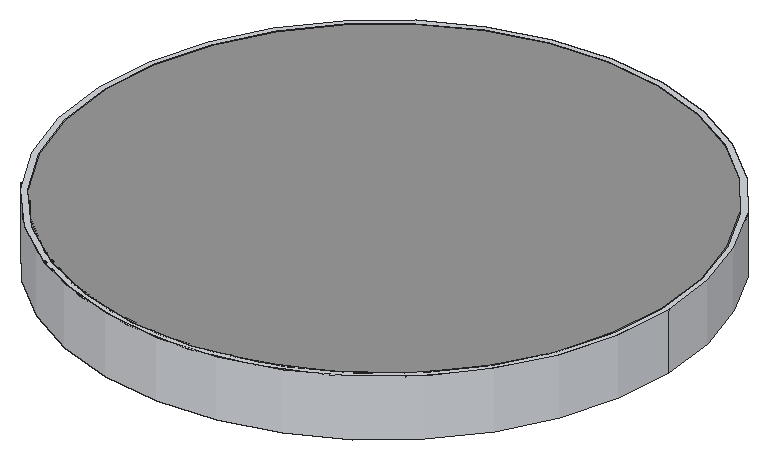
Revit family "2071170", category Lighting Fixtures, host Face, Revit 2018
Family settings
  Host = Face
  Round Connector Dimension = Use Diameter
  Part Type = Normal
  OmniClass Number = 23.80.70.00
  OmniClass Title = Lighting
  Cut with Voids When Loaded = No
  Light Source = Yes
  Shared = No
  Room Calculation Point = No
Parameters (values of type "2071170 COLOSSAL 600 830 PR DIR WHT DALI EM")
  iner diameter = 588 mm
  Weight = "n/a"
  Wattage Comments = ""
  Wattage = 30 W
  WarrantyStartDate [instance] = "n/a"
  WarrantyGuarantorParts = "n/a"
  WarrantyDurationUnit = "n/a"
  WarrantyDurationParts = ""
  WarrantyDescription = "http://www.sylvania-lighting.com"
  built-in parameter 1150110 = 1 (stored number, unit not read)
  Voltage = 230 V
  URL = "0.99"
  TypeName = "COLOSSAL 600mm 830 PRISM DIR WHITE DALI EM"
  Type Image = <None>
  Type Comments = "n/a"
  built-in parameter 1114217 = 1 (stored number, unit not read)
  Tilt Angle = -90.00°
  built-in parameter 1150109 = 1 (stored number, unit not read)
  built-in parameter 1150134 = (empty or 0)
  built-in parameter 1150113 = 1 (stored number, unit not read)
  SerialNumber [instance] = "n/a"
  Photometric Web File = "2071170.ies"
  Material_3_SYL = LED-Sylvania
  PowerFactor = 0
  PowerConsumption = "Lighting"
  NominalLength = 600 mm
  NominalHeight = 93 mm
  NominalDepth = 600 mm
  Name = "COLOSSAL 600mm 830 PRISM DIR WHITE DALI EM"
  ModelReference = Name  # "COLOSSAL 600mm 830 PRISM DIR WHITE DALI EM"
  ModelNumber = "2071170"
  Model = Name  # "COLOSSAL 600mm 830 PRISM DIR WHITE DALI EM"
  Material = "Feilo Sylvania"
  ManufacturerName = "119 lm/W"
  Manufacturer = ""
  LuminousEfficacy = ""
  built-in parameter 1150105 = 270.44 (stored number, unit not read)
  Lumens = 3398.4 lm
  LuminaireType = "0"
  built-in parameter 1150115 = 1 (stored number, unit not read)
  LightOutputRatio = "LED"
  built-in parameter 1150137 = (empty or 0)
  built-in parameter 1150139 = (empty or 0)
  LampsType = Lamp  # "n/a"
  LampNominalLuminous = "3000 K"
  LampMacAdamStep = "80"
  LampColourTemperature = "LED"
  LampColourRenderingIndex = "16500"
  built-in parameter 1150112 = 1 (stored number, unit not read)
  built-in parameter 1150114 = 1 (stored number, unit not read)
  Lamp = "n/a"
  Keynote = "n/a"
  InstallationDate [instance] = "n/a"
  InputVoltage = "0"
  InputNominalFrequency = "3000"
  built-in parameter 1150132 = (empty or 0)
  built-in parameter 1150102 = (empty or 0)
  built-in parameter 1150107 = 3000 (stored number, unit not read)
  built-in parameter 1150138 = (empty or 0)
  IngressProtection = "IfcLightFixtureType"
  ImpactProtectionIndex = "IfcLightFixtureType"
  built-in parameter 1150106 = 2.7044 (stored number, unit not read)
  IfcExportType = "IfcLightFixtureType"
  IfcExportAs = "Class I"
  Emit from Circle Diameter = 385 mm
  Emit Shape Visible in Rendering = no
  ElectricShockClassification = "119"
  built-in parameter 1150104 = 10.524 (stored number, unit not read)
  DocumentationLiterature = "http://www.sylvania-lighting.com/product/en-int/products/2071170"
  DimmingControlOptions = "n/a"
  Material_2_SYL = Polycarbonate_Sylvania_White
  Dimming Lamp Color Temperature Shift = <None>
  Description = "600mm diameter circular architectural luminaire, can be surface mounted or suspended. Powder coated aluminium housing (RAL9016) with PMMA prismatic diffuser. Direct light distribution, 3805lm luminuous flux, 32.1W system power, 119lm/W luminiaire efficacy. DALI dimmable. 3 hours integrated emergency. Colour rendering index Ra >80, 3000K Warm White LED, chromaticity tolerance of 3-step MacAdam ellipse. IP40, IK03. 350mA drive current. UGR≤19. Electrical protection Class1, 220-240V. Reported lifetime 66k hours L90B10."
  Default Elevation = 1219.2 mm
  CreatedOn = "23/03/2022"
  CreatedBy = "@sylvania-lighting.com"
  Cost = 0
  Color Filter = 16777215
  built-in parameter 1114216 [instance] = (empty or 0)
  ClassificationValue = "EF_70_80"
  ClassificationName = "Uniclass2015"
  Material_1_SYL = Polycarbonate_Sylvania_Opal
  BarCode [instance] = "n/a"
  built-in parameter 1114218 = 1 (stored number, unit not read)
  built-in parameter 1150133 = 10 (stored number, unit not read)
  AssetType = "Fixed"
  AssetIdentifier [instance] = "n/a"
  Assembly Code = "D5020200"
  Apparent Load = 32.1 VA
  Material_4_SYL = none
Reference planes
  plane 1 "Center (Front/Back)": y = 0
  plane 2: z = 0
  plane 3 "Center (Left/Right)": x = 0
  plane 4: x = -300
  plane 5: x = 300
  plane 6: y = 300
  plane 7: y = -300
  plane 8: y = 212
  plane 9: y = -212
  plane 10: z = 93
  plane 11: y = 294
  plane 12: y = -294
  plane 13: through (0, 0, 1219.2) normal (0.5, -0.866, 0)
  plane 14: through (-134.29, 20.617, 1219.2) normal (0.5, -0.866, 0)
  plane 15: through (-144.685, -181.683, 1219.2) normal (-0.5, 0.866, 0)
  plane 16: through (0, 0, 1219.2) normal (0.5, 0.866, 0)
  plane 17: through (178.555, -4.939, 1219.2) normal (0.5, 0.866, 0)
  plane 18: through (87.581, -148.715, 1219.2) normal (0.5, 0.866, 0)
  plane 19: y = 272
  plane 20: through (105.168, 227.067, 1219.2) normal (0.866, 0.5, 0)
  plane 21: through (-104.171, 225.672, 1219.2) normal (0.8572, -0.515, 0)
  plane 22: y = -204.612
  plane 23: through (-296.643, -30.2, 1219.2) normal (0.866, 0.5, 0)
  plane 24: through (153.092, -278.837, 1219.2) normal (-0.866, 0.5, 0)
Forms (mm)
  Extrusion 1, solid, detail levels medium+fine
    sketch origin (0, 0, 0) x (1, 0, 0) y (0, 1, 0)
      loop
        circle (0, 0) r 300
    from 33.023 to 93
  Extrusion 2, void
    sketch origin (0, 0, 0) x (1, 0, 0) y (0, 1, 0)
      loop
        circle (0, 0) r 294
    from 93 to 37.292
  Extrusion 3, solid, material "Glass, White, High Luminance", detail levels fine
    sketch origin (0, 0, 0) x (1, 0, 0) y (0, 1, 0)
      loop
        circle (0, 0) r 294
    from 88.026 to 93
  Extrusion 4, solid, detail levels coarse
    sketch origin (0, 0, 0) x (1, 0, 0) y (0, 1, 0)
      loop
        line (-300, 300) -> (-300, -300) -> (300, -300) -> (300, 300) -> (-300, 300)
    from 0 to 93
  Blend 5, solid, detail levels medium+fine
    base sketch origin (0, 0, 0) x (1, 0, 0) y (0, 1, 0)
      loop
        line (-76.334, 272) -> (-277.665, -63.07) -> (-195.946, -204.612) -> (195.946, -204.612) -> (275.172, -67.388) -> (79.226, 272) -> (-76.334, 272)
    top sketch origin (0, 0, 0) x (1, 0, 0) y (0, 1, 0)
      loop
        line (-226.097, -32.388) -> (-141.097, -179.612) -> (141.097, -179.612) -> (226.097, -32.388) -> (85, 212) -> (-85, 212) -> (-226.097, -32.388)
    from 33.023 to 0
Cuts and joins
  Extrusion 2 cuts Extrusion 1
Lines and regions (mm)
  model lines
    curve 1: line (-85, 212, 0) -> (0, 212, 0)
    curve 2: line (0, 212, 0) -> (85, 212, 0)
Dimensions and locks
  "NominalDepth": plane 6 to plane 7
  "NominalLength": plane 4 to plane 5
  equal spacing: plane 4, plane 3 "Center (Left/Right)", plane 5
  "iner diameter": plane 11 to plane 12
  equal spacing: plane 11, plane 1 "Center (Front/Back)", plane 12
  equal spacing: plane 6, plane 1 "Center (Front/Back)", plane 7
  "NominalHeight": plane 10 to level
  radius of Extrusion 2 sketch curve = 294 mm
  aligned and locked: plane 2 to host face
  aligned and locked: level to host face
Automatic sketch dimensions
  host sketch curve to host sketch curve = 2438.4 mm  (x2)
  plane 1 "Center (Front/Back)" to Extrusion 1 sketch curve = 0 mm
  Extrusion 1 sketch curve to plane 3 "Center (Left/Right)" = 0 mm
  plane 1 "Center (Front/Back)" to Extrusion 2 sketch curve = 0 mm
  Extrusion 2 sketch curve to plane 3 "Center (Left/Right)" = 0 mm
  plane 1 "Center (Front/Back)" to Extrusion 3 sketch curve = 0 mm
  Extrusion 3 sketch curve to plane 3 "Center (Left/Right)" = 0 mm
  Extrusion 4 sketch curve to plane 4 = 0 mm
  Extrusion 4 sketch curve to plane 5 = 0 mm
  Extrusion 4 sketch curve to plane 7 = 0 mm
  Extrusion 4 sketch curve to plane 6 = 0 mm
  Blend 5 sketch curve to plane 8 = 0 mm
  Blend 5 sketch curve to plane 3 "Center (Left/Right)" = 85 mm
  plane 3 "Center (Left/Right)" to Blend 5 sketch curve = 85 mm
  plane 9 to Blend 5 sketch curve = 32.388 mm
  plane 3 "Center (Left/Right)" to Blend 5 sketch curve = 141.097 mm
  plane 1 "Center (Front/Back)" to Blend 5 sketch curve = 32.388 mm  (x2)
  Blend 5 sketch curve to plane 5 = 73.903 mm
  Blend 5 sketch curve to plane 3 "Center (Left/Right)" = 141.097 mm
  plane 4 to Blend 5 sketch curve = 73.903 mm
  curve 1 to plane 8 = 0 mm
  curve 2 to plane 3 "Center (Left/Right)" = 0 mm
  curve 1 to plane 3 "Center (Left/Right)" = 85 mm
  curve 1 to curve 2 = 85 mm
  Blend 5 sketch curve to plane 21 = 0 mm
  Blend 5 sketch curve to plane 23 = 0 mm  (x2)
  Blend 5 sketch curve to plane 22 = 0 mm
  Blend 5 sketch curve to plane 19 = 0 mm
  plane 21 to Blend 5 sketch curve = 0 mm
  Blend 5 sketch curve to plane 20 = 0 mm  (x2)
  Blend 5 sketch curve to plane 24 = 0 mm  (x2)
  radius of Extrusion 1 sketch curve = 300 mm
  radius of Extrusion 3 sketch curve = 294 mm
Connectors
  electrical at (0, 0, 0), driven by "Apparent Load", driven by "PowerFactor", driven by "Voltage"
    settings: index 1, voltage 230 V, apparent load 32.1 VA, apparent load phase1 0 VA, apparent load phase2 0 VA, apparent load phase3 0 VA, power factor 0, load classification "Lighting", number of poles 1, system type 30, power factor state 1, is connector primary yes, connector utility no, sub classification motor no, connector description ""
